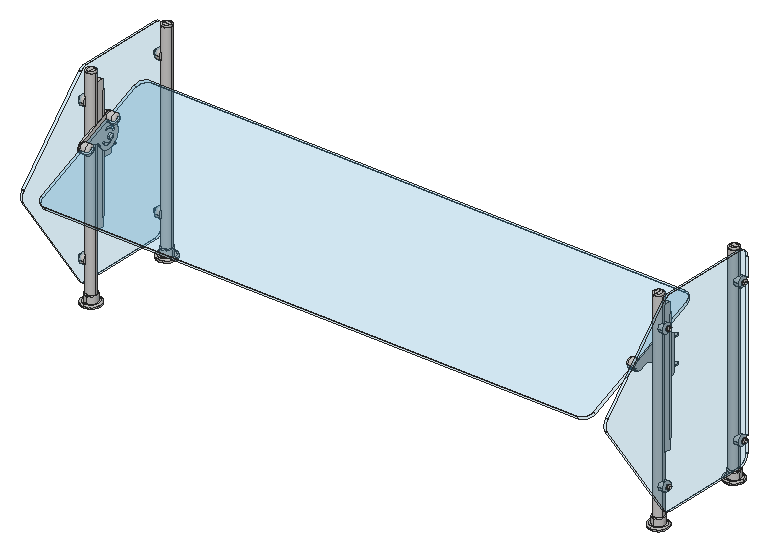
Revit family "QF_ENGLISH_AMA-100", category Casework, Revit 2018
Family settings
  Work Plane-Based = No
  Always vertical = Yes
  Cut with Voids When Loaded = No
  Shared = No
  Room Calculation Point = No
Parameters
  Weight in Pounds = 0
  Void [instance] = if(Show Full Service, -3/8", 3/8")  # 3/8"
  URL Cutsheet = ""
  Type Mark [instance] = ""
  Status [instance] = ""
  Specification by User [instance] = ""
  Specification by Manufacturer = ""
  Show Self Service [instance] = yes
  Show Left Glass [instance] = yes
  Show Right Glass [instance] = yes
  Show Full Service [instance] = not(Show Self Service)  # no
  Serial Number = ""
  Seismic Rating = ""
  SMACNA No = ""
  Right Glass Symbolic [instance] = yes
  Revision Code [instance] = ""
  Rear Support [instance] = Middle Glass  # yes
  RS Symbolic [instance] = no
  Omniclass Number and Title = ""
  NAFEM Spec ID Number = ""
  Model = "AMA-100"
  Middle Glass [instance] = yes
  Masterspec = ""
  Manufacturer = "ENGLISH MFG. INC."
  Length [instance] = 60"
  LS Symbolic [instance] = not(Show Left Glass)  # no
  Item Number [instance] = ""
  Installed By [instance] = ""
  Identify Quantity as Lot [instance] = yes
  Glass Thickness [instance] = 3/8"  # constant formula
  Glass Material [instance] = Glass
  Furnished By [instance] = ""
  Foodservice Equipment Identifier [instance] = yes
  Description = "ADJUSTAGUARD"
  Depth [instance] = 10"
  CSI MasterFormat = ""
  CSI Master Format = ""
  Assembly Code = ""
  Angle [instance] = 0.00°
  A [instance] = if(Angle > 90.00°, 0.00°, Angle)  # 0.00°
Reference planes (in)
  plane 1 "BACK": y = 0
  plane 2: z = 0
  plane 3 "LEFT": x = 0
  plane 4 "RIGHT": x = 60
  plane 5 "FRONT": y = -10
  plane 6 "TOP": z = 22
  plane 7 "Center Y": x = 30
  plane 8 "Center X": y = -5
  plane 9: y = -8.51794
Forms (in)
  Extrusion 1, solid, material "Glass" <- "Glass Material"
    sketch origin (1.69296, -13.50427, 14.95146) x (0, 0.92388, 0.382683) y (-1, 0, 0)
      loop
        arc (10.14708, -0.07332) -> (9.85422, 0.63371) -> (9.14718, 0.92658) r 0.9999
        line (9.14718, 0.92658) -> (-4.10292, 0.92658)
        arc (-4.10292, 0.92658) -> (-4.81003, 0.63368) -> (-5.10292, -0.07342) r 1
        line (-5.10292, -0.07342) -> (-5.10292, -56.46294)
        arc (-5.10292, -56.46294) -> (-4.81003, -57.17004) -> (-4.10292, -57.46294) r 1
        line (-4.10292, -57.46294) -> (9.14718, -57.46294)
        arc (9.14718, -57.46294) -> (9.85422, -57.17007) -> (10.14708, -56.46304) r 0.9999
        line (10.14708, -56.46304) -> (10.14708, -0.07332)
    from 0 to 0.375 <- "Glass Thickness"
Lines and regions (in)
  symbolic lines, visible <- "Show Left Glass"
    curve 1: arc (-0.75, -0.66144, 0) -> (0.99507, 0.09921, 0) -> (-0.86583, 0.50034, 0) r 1
    curve 2: line (-0.24024, 0.5, 0) -> (-0.75, 0.5, 0)
    curve 3: line (-0.24024, -0.5, 0) -> (-0.24024, -0.4385, 0)
    curve 4: line (-0.75, -0.5, 0) -> (-0.24024, -0.5, 0)
    curve 5: circle (0, 0, 0) r 0.5 normal (0, 0, 1)
    curve 6: line (-0.75, 0.5, 0) -> (-0.75, -0.5, 0)
    curve 7: line (-0.24024, 0.4385, 0) -> (-0.24024, 0.5, 0)
    curve 9: line (-0.5, -9.5, 0) -> (-0.75, -9.5, 0)
    curve 10: line (-0.24024, -10.5, 0) -> (-0.24024, -10.4385, 0)
    curve 11: line (-0.75, -10.5, 0) -> (-0.24024, -10.5, 0)
  symbolic lines
    curve 8: arc (-0.86137, -10.50798, 0) -> (-0.2394, -10.97092, 0) -> (0.52648, -10.85019, 0) r 1
    curve 12: circle (0, -10, 0) r 0.5 normal (0, 0, 1)
    curve 13: arc (-0.5, -9.13397, 0) -> (-0.63332, -9.22611, 0) -> (-0.75, -9.33856, 0) r 1
    curve 14: line (0.01085, -8.01767, 0) -> (0.46398, -8.01767, 0)
    curve 15: line (0.01085, -8.98669, 0) -> (0.01085, -8.01767, 0)
    curve 16: line (0.46398, -8.98669, 0) -> (0.01085, -8.98669, 0)
    curve 17: line (0.46398, -8.01767, 0) -> (0.46398, -8.98669, 0)
    curve 18: line (-0.5, -8.98694, 0) -> (0.5, -8.98694, 0)
    curve 19: line (0.5, -8.98694, 0) -> (0.5, -9.75794, 0)
    curve 20: line (0.5, -9.75794, 0) -> (0.4375, -9.75794, 0)
    curve 21: line (-0.5, -9.75794, 0) -> (-0.5, -8.98694, 0)
    curve 22: line (-0.5, -9.75794, 0) -> (-0.4375, -9.75794, 0)
    curve 23: line (0.14522, -8.01767, 0) -> (0.14522, -7.80979, 0)
    curve 24: arc (0.14522, -7.80979, 0) -> (0.13665, -7.76973, 0) -> (0.11242, -7.73669, 0) r 0.09786
    curve 25: line (0.11242, -7.73669, 0) -> (0.11242, -7.25751, 0)
    curve 26: arc (0.11242, -7.25751, 0) -> (0.11853, -7.24275, 0) -> (0.1333, -7.23663, 0) r 0.02088
    curve 27: line (0.1333, -7.23663, 0) -> (0.34154, -7.23663, 0)
    curve 28: line (0.32961, -8.01767, 0) -> (0.32961, -7.80979, 0)
    curve 29: arc (0.32961, -7.80979, 0) -> (0.33819, -7.76973, 0) -> (0.36242, -7.73669, 0) r 0.09786
    curve 30: line (0.36242, -7.73669, 0) -> (0.36242, -7.25751, 0)
    curve 31: arc (0.36242, -7.25751, 0) -> (0.3563, -7.24275, 0) -> (0.34154, -7.23663, 0) r 0.02088
    curve 32: line (0.11242, -7.73669, 0) -> (0.36242, -7.73669, 0)
    curve 33: line (0.11242, -7.25751, 0) -> (0.36242, -7.25751, 0)
    curve 41: arc (60.86137, -10.50798, 0) -> (60.2394, -10.97092, 0) -> (59.47352, -10.85019, 0) r 1
    curve 45: circle (60, -10, 0) r 0.5 normal (0, 0, -1)
    curve 46: arc (60.5, -9.13397, 0) -> (60.63332, -9.22611, 0) -> (60.75, -9.33856, 0) r 1
    curve 47: line (59.98915, -8.01767, 0) -> (59.53602, -8.01767, 0)
    curve 48: line (59.98915, -8.98669, 0) -> (59.98915, -8.01767, 0)
    curve 49: line (59.53602, -8.98669, 0) -> (59.98915, -8.98669, 0)
    curve 50: line (59.53602, -8.01767, 0) -> (59.53602, -8.98669, 0)
    curve 51: line (60.5, -8.98694, 0) -> (59.5, -8.98694, 0)
    curve 52: line (59.5, -8.98694, 0) -> (59.5, -9.75794, 0)
    curve 53: line (59.5, -9.75794, 0) -> (59.5625, -9.75794, 0)
    curve 54: line (60.5, -9.75794, 0) -> (60.5, -8.98694, 0)
    curve 55: line (60.5, -9.75794, 0) -> (60.4375, -9.75794, 0)
    curve 56: line (59.85478, -8.01767, 0) -> (59.85478, -7.80979, 0)
    curve 57: arc (59.85478, -7.80979, 0) -> (59.86335, -7.76973, 0) -> (59.88758, -7.73669, 0) r 0.09786
    curve 58: line (59.88758, -7.73669, 0) -> (59.88758, -7.25751, 0)
    curve 59: arc (59.88758, -7.25751, 0) -> (59.88147, -7.24275, 0) -> (59.8667, -7.23663, 0) r 0.02088
    curve 60: line (59.8667, -7.23663, 0) -> (59.65846, -7.23663, 0)
    curve 61: line (59.67039, -8.01767, 0) -> (59.67039, -7.80979, 0)
    curve 62: arc (59.67039, -7.80979, 0) -> (59.66181, -7.76973, 0) -> (59.63758, -7.73669, 0) r 0.09786
    curve 63: line (59.63758, -7.73669, 0) -> (59.63758, -7.25751, 0)
    curve 64: arc (59.63758, -7.25751, 0) -> (59.6437, -7.24275, 0) -> (59.65846, -7.23663, 0) r 0.02088
    curve 65: line (59.88758, -7.73669, 0) -> (59.63758, -7.73669, 0)
    curve 66: line (59.88758, -7.25751, 0) -> (59.63758, -7.25751, 0)
    curve 68: line (0.52648, -7.26791, 0) -> (0.64148, -7.26791, 0)
    curve 69: line (59.47352, -7.26791, 0) -> (59.35852, -7.26791, 0)
    curve 70: line (59.47352, -12.41105, 0) -> (59.47352, -7.26791, 0)
    curve 71: line (59.35852, -7.26791, 0) -> (59.35852, -12.41105, 0)
    curve 73: line (59.35852, -12.41105, 0) -> (59.47352, -12.41105, 0)
    curve 74: line (0.52648, -12.41105, 0) -> (0.52648, -7.26791, 0)
    curve 75: line (0.64148, -7.26791, 0) -> (0.64148, -12.41105, 0)
    curve 76: line (0.64148, -12.41105, 0) -> (0.52648, -12.41105, 0)
    curve 77: line (60.75, -9.5, 0) -> (60.75, -10.50798, 0)
    curve 78: line (-0.75, -9.5, 0) -> (-0.75, -10.50798, 0)
    curve 91: line (0.64148, -8.09063, 0) -> (1.28061, -8.09063, 0)
    curve 92: line (0.64148, -8.9467, 0) -> (1.28061, -8.9467, 0)
    curve 93: line (1.53061, -8.34063, 0) -> (1.53061, -8.6967, 0)
    curve 94: arc (1.28061, -8.09063, 0) -> (1.45739, -8.16385, 0) -> (1.53061, -8.34063, 0) r 0.25
    curve 95: arc (1.28061, -8.9467, 0) -> (1.45739, -8.87348, 0) -> (1.53061, -8.6967, 0) r 0.25
    curve 96: line (0.64148, -11.55496, 0) -> (1.28061, -11.55496, 0)
    curve 97: line (0.64148, -12.41104, 0) -> (1.28061, -12.41104, 0)
    curve 98: line (1.53061, -11.80496, 0) -> (1.53061, -12.16104, 0)
    curve 99: arc (1.28061, -11.55496, 0) -> (1.45739, -11.62819, 0) -> (1.53061, -11.80496, 0) r 0.25
    curve 100: arc (1.28061, -12.41104, 0) -> (1.45739, -12.33782, 0) -> (1.53061, -12.16104, 0) r 0.25
    curve 101: line (59.35852, -8.09063, 0) -> (58.71939, -8.09063, 0)
    curve 102: line (59.35852, -8.9467, 0) -> (58.71939, -8.9467, 0)
    curve 103: line (58.46939, -8.34063, 0) -> (58.46939, -8.6967, 0)
    curve 104: arc (58.71939, -8.09063, 0) -> (58.54261, -8.16385, 0) -> (58.46939, -8.34063, 0) r 0.25
    curve 105: arc (58.71939, -8.9467, 0) -> (58.54261, -8.87348, 0) -> (58.46939, -8.6967, 0) r 0.25
    curve 106: line (59.35852, -11.55496, 0) -> (58.71939, -11.55496, 0)
    curve 107: line (59.35852, -12.41104, 0) -> (58.71939, -12.41104, 0)
    curve 108: line (58.46939, -11.80496, 0) -> (58.46939, -12.16104, 0)
    curve 109: arc (58.71939, -11.55496, 0) -> (58.54261, -11.62819, 0) -> (58.46939, -11.80496, 0) r 0.25
    curve 110: arc (58.71939, -12.41104, 0) -> (58.54261, -12.33782, 0) -> (58.46939, -12.16104, 0) r 0.25
  symbolic lines, visible <- "Show Right Glass"
    curve 34: arc (60.75, -0.66144, 0) -> (59.00493, 0.09921, 0) -> (60.86583, 0.50034, 0) r 1
    curve 35: line (60.24024, 0.5, 0) -> (60.75, 0.5, 0)
    curve 36: line (60.24024, -0.5, 0) -> (60.24024, -0.4385, 0)
    curve 37: line (60.75, -0.5, 0) -> (60.24024, -0.5, 0)
    curve 38: circle (60, 0, 0) r 0.5 normal (0, 0, -1)
    curve 39: line (60.75, 0.5, 0) -> (60.75, -0.5, 0)
    curve 40: line (60.24024, 0.4385, 0) -> (60.24024, 0.5, 0)
  symbolic lines, visible <- "Right Glass Symbolic"
    curve 42: line (60.5, -9.5, 0) -> (60.75, -9.5, 0)
    curve 43: line (60.24024, -10.5, 0) -> (60.24024, -10.4385, 0)
    curve 44: line (60.75, -10.5, 0) -> (60.24024, -10.5, 0)
  symbolic lines, visible <- "RS Symbolic"
    curve 67: arc (60.75, -9.33856, 0) -> (60.9955, -9.90519, 0) -> (60.86137, -10.50798, 0) r 1
  symbolic lines, visible <- "LS Symbolic"
    curve 72: arc (-0.75, -9.33856, 0) -> (-0.9955, -9.90519, 0) -> (-0.86137, -10.50798, 0) r 1
  symbolic lines, style "CaseworkHiddenLines"
    curve 79: spline (1.76628, -5.27309, 0) -> (1.63577, -5.281, 0) -> (1.50749, -5.30457, 0) -> (1.38364, -5.34341, 0) -> (1.26633, -5.39686, 0) -> (1.15758, -5.46399, 0) -> (1.05924, -5.54366, 0) -> (0.97301, -5.63451, 0) -> (0.90034, -5.73499, 0) -> (0.84249, -5.84336, 0) -> (0.80045, -5.95779, 0) -> (0.77494, -6.0763, 0) -> (0.76638, -6.19688, 0)
    curve 80: line (58.15599, -5.27309, 0) -> (1.76628, -5.27309, 0)
    curve 81: line (0.76638, -6.05337, 0) -> (0.76638, -8.09063, 0)
    curve 82: spline (0.76638, -17.43838, 0) -> (0.77494, -17.55897, 0) -> (0.80046, -17.67749, 0) -> (0.8425, -17.79193, 0) -> (0.90036, -17.90032, 0) -> (0.97303, -18.0008, 0) -> (1.05927, -18.09166, 0) -> (1.15762, -18.17134, 0) -> (1.26638, -18.23848, 0) -> (1.3837, -18.29193, 0) -> (1.50756, -18.33078, 0) -> (1.63585, -18.35435, 0) -> (1.76638, -18.36226, 0)
    curve 83: line (1.76638, -18.36226, 0) -> (58.15589, -18.36226, 0)
    curve 84: spline (58.15589, -18.36226, 0) -> (58.28642, -18.35435, 0) -> (58.41471, -18.33078, 0) -> (58.53858, -18.29193, 0) -> (58.65589, -18.23848, 0) -> (58.76465, -18.17134, 0) -> (58.863, -18.09166, 0) -> (58.94925, -18.0008, 0) -> (59.02192, -17.90032, 0) -> (59.07977, -17.79193, 0) -> (59.12182, -17.67749, 0) -> (59.14734, -17.55897, 0) -> (59.15589, -17.43838, 0)
    curve 85: line (59.15589, -17.43838, 0) -> (59.15589, -12.41104, 0)
    curve 86: spline (59.15589, -6.19688, 0) -> (59.14734, -6.0763, 0) -> (59.12182, -5.95779, 0) -> (59.07978, -5.84336, 0) -> (59.02193, -5.73499, 0) -> (58.94927, -5.63451, 0) -> (58.86303, -5.54366, 0) -> (58.76469, -5.46399, 0) -> (58.65594, -5.39686, 0) -> (58.53864, -5.34341, 0) -> (58.41479, -5.30457, 0) -> (58.28651, -5.281, 0) -> (58.15599, -5.27309, 0)
    curve 87: line (59.15589, -8.09063, 0) -> (59.15589, -6.05337, 0)
    curve 88: line (59.15589, -11.55496, 0) -> (59.15589, -8.9467, 0)
    curve 89: line (0.76638, -8.9467, 0) -> (0.76638, -11.55496, 0)
    curve 90: line (0.76638, -12.41104, 0) -> (0.76638, -17.43838, 0)
Dimensions and locks (in)
  equal spacing: plane 3 "LEFT", plane 7 "Center Y", plane 4 "RIGHT"
  "Length": plane 3 "LEFT" to plane 4 "RIGHT"
  equal spacing: plane 5 "FRONT", plane 8 "Center X", plane 1 "BACK"
  "Depth": plane 5 "FRONT" to plane 1 "BACK"
  plane 6 "TOP" to level = 22"  (x2)
  plane 3 "LEFT" to Extrusion 1 sketch curve to Extrusion 1 sketch curve = 0.76638" locked, 0.9999" locked
  plane 4 "RIGHT" to Extrusion 1 sketch curve to Extrusion 1 sketch curve = 0.84411" locked, 0.9999" locked
  plane 7 "Center Y" to plane 3 "LEFT" = 30"
  locked: plane 5 "FRONT" to plane 9 at 1.48206
  plane 5 "FRONT" to plane 1 "BACK" = 10"
  aligned and locked: level to plane 2
  aligned and locked: plane 3 "LEFT" to nested 1
  aligned: plane 7 "Center Y" to nested 2
  aligned: plane 1 "BACK" to nested 3  (x5)
  aligned and locked: nested 2 to plane 4 "RIGHT"
  aligned: plane 8 "Center X" to nested 3  (x2)
  aligned: plane 5 "FRONT" to nested 3  (x2)
  aligned and locked: plane 1 "BACK" to nested 3
  aligned and locked: plane 9 to nested 1
  aligned and locked: nested 2 to plane 9
  aligned and locked: nested 4 to plane 4 "RIGHT"
Automatic sketch dimensions
  nested 1 to Extrusion 1 sketch curve = 0.23335"
  nested 1 to Extrusion 1 sketch curve = 6.88238"
  Extrusion 1 sketch curve to Extrusion 1 sketch curve = 1"
  nested 1 to Extrusion 1 sketch curve = 5.44078"
  curve 1 to curve 5 = 0"  (x2)
  curve 8 to curve 12 = 0"  (x2)
  curve 8 to curve 13 = 0"  (x2)
  curve 8 to curve 72 = 0"  (x2)
  curve 34 to curve 38 = 0"  (x2)
  curve 41 to curve 45 = 0"  (x2)
  curve 41 to curve 46 = 0"  (x2)
  curve 41 to curve 67 = 0"
  curve 46 to curve 67 = 0"
  curve 12 to plane 3 "LEFT" = 0"
  plane 1 "BACK" to curve 5 = 0"
  curve 5 to plane 3 "LEFT" = 0"
  curve 46 to plane 4 "RIGHT" = 0"
  plane 1 "BACK" to curve 34 = 0"
  curve 34 to plane 4 "RIGHT" = 0"
  plane 5 "FRONT" to curve 46 = 0"
  plane 5 "FRONT" to curve 13 = 0"
  curve 2 to plane 3 "LEFT" = 0.24024"
  curve 3 to plane 3 "LEFT" = 0.24024"
  curve 10 to plane 3 "LEFT" = 0.24024"
  curve 21 to plane 5 "FRONT" = 0.24206"
  curve 21 to plane 3 "LEFT" = 1/2"
  curve 9 to curve 9 = 1/4"
  curve 6 to curve 3 = 0.50976"
  plane 3 "LEFT" to curve 16 = 0.01085"
  plane 3 "LEFT" to curve 24 = 0.04737"
  curve 24 to curve 32 = 0.06505"
  curve 25 to curve 27 = 0.02088"
  curve 25 to curve 23 = 0.03281"
  curve 23 to curve 28 = 0.18439"
  curve 26 to curve 27 = 0.20824"
  curve 30 to curve 29 = 0.06505"
  curve 28 to curve 17 = 0.13437"
  curve 20 to plane 5 "FRONT" = 0.24206"
  plane 3 "LEFT" to curve 20 = 1/2"
  plane 3 "LEFT" to curve 76 = 0.52648"
  curve 68 to curve 68 = 0.115"
  plane 3 "LEFT" to curve 90 = 0.76638"
  curve 92 to curve 92 = 0.63913"
  curve 94 to curve 95 = 0"
  curve 75 to curve 96 = 0.63913"
  curve 90 to curve 97 = 0.51423"
  curve 100 to curve 98 = 1/4"
  curve 95 to curve 93 = 1/4"
  curve 80 to plane 8 "Center X" = 0.27309"
  plane 3 "LEFT" to curve 80 = 1.76628"
  curve 90 to curve 83 = 1"
  plane 4 "RIGHT" to curve 83 = 1.84411"
  plane 4 "RIGHT" to curve 80 = 1.84401"
  plane 9 to curve 103 = 0.17731"
  plane 4 "RIGHT" to curve 103 = 1.53061"
  curve 103 to curve 102 = 1/4"
  curve 108 to curve 107 = 1/4"
  curve 103 to curve 101 = 1/4"
  curve 108 to curve 109 = 1/4"
  plane 4 "RIGHT" to curve 85 = 0.84411"
  plane 4 "RIGHT" to curve 71 = 0.64148"
  curve 71 to curve 70 = 0.115"
  curve 102 to curve 51 = 0.14148"
  curve 101 to curve 50 = 0.1775"
  curve 47 to curve 62 = 0.03651"
  curve 62 to curve 65 = 0.06505"
  curve 63 to curve 64 = 0.02088"
  curve 62 to curve 61 = 0.03281"
  plane 4 "RIGHT" to curve 56 = 0.14522"
  plane 4 "RIGHT" to curve 59 = 0.1333"
  plane 4 "RIGHT" to curve 57 = 0.04737"
  plane 4 "RIGHT" to curve 49 = 0.01085"
  curve 35 to plane 4 "RIGHT" = 0.24024"
  curve 44 to plane 4 "RIGHT" = 0.24024"
  curve 37 to plane 4 "RIGHT" = 0.24024"
  curve 55 to plane 5 "FRONT" = 0.24206"
  curve 55 to plane 4 "RIGHT" = 1/2"
  curve 35 to curve 35 = 0.50976"
  curve 42 to curve 77 = 1/4"
  plane 5 "FRONT" to curve 10 = 1/2"
  plane 5 "FRONT" to curve 44 = 1/2"
  plane 5 "FRONT" to curve 76 = 2.41105"
  plane 5 "FRONT" to curve 73 = 2.41105"
  curve 75 to curve 96 = 0.85609"
  curve 71 to curve 106 = 0.85609"
  curve 110 to curve 109 = 0.35608"
  curve 100 to curve 99 = 0.35608"
  curve 90 to curve 90 = 5 7/256"
  curve 85 to curve 85 = 5 7/256"
  curve 83 to curve 84 = 0.92388"
  curve 53 to plane 5 "FRONT" = 0.24206"
  curve 54 to curve 77 = 0.25794"
  curve 21 to curve 78 = 0.25794"
  curve 54 to plane 9 = 0.469"
  curve 19 to plane 9 = 0.469"
  curve 48 to plane 9 = 15/32"
  curve 18 to curve 16 = 0.00025"
  curve 102 to plane 9 = 0.42877"
  curve 92 to plane 9 = 0.42877"
  plane 9 to curve 93 = 0.17731"
  curve 101 to curve 47 = 0.07296"
  curve 91 to curve 17 = 0.07296"
  curve 14 to curve 24 = 0.20788"
  curve 61 to curve 61 = 0.20788"
  curve 30 to curve 68 = 0.46878"
  curve 63 to curve 69 = 0.46878"
  curve 69 to curve 63 = 0.0104"
  curve 68 to curve 33 = 0.0104"
  plane 1 "BACK" to curve 6 = 1/2"
  plane 1 "BACK" to curve 36 = 1/2"
  curve 35 to plane 1 "BACK" = 1/2"
  curve 6 to plane 1 "BACK" = 1/2"
  curve 21 to curve 22 = 1/16"
  curve 1 to curve 4 = 0"
  curve 13 to curve 9 = 0"
  curve 8 to curve 78 = 0.11137"
  curve 1 to curve 2 = 0.11583"
  curve 97 to curve 90 = 0.1249"
  curve 91 to curve 81 = 0.1249"
  curve 92 to curve 89 = 0.1249"
  curve 86 to curve 86 = 0.9999"
  curve 106 to curve 88 = 0.43651"
  curve 88 to curve 106 = 0.20263"
  curve 85 to curve 107 = 0.20263"
  curve 52 to curve 53 = 1/16"
  curve 46 to curve 42 = 0"
  curve 34 to curve 37 = 0"
  curve 77 to curve 41 = 0.11137"
  curve 35 to curve 34 = 0.11583"
  curve 41 to curve 44 = 0.00798"
  curve 72 to curve 11 = 0.00798"
  curve 78 to curve 11 = 0.00798"
  curve 77 to curve 44 = 0.00798"
  curve 86 to plane 8 "Center X" = 1.19688"
  curve 79 to plane 8 "Center X" = 1.19688"
  curve 79 to curve 81 = 0.14351"
  curve 86 to curve 87 = 0.14351"
  curve 1 to curve 4 = 0.16144"
  curve 34 to curve 37 = 0.16144"
  curve 3 to curve 3 = 0.0615"
  curve 36 to curve 36 = 0.0615"
Nested families (in)
  nested 1: "AMA-100" at (-0.5, -8.01794, -0.03906), Glass Thickness <- "Glass Thickness", type "AMA-100"
    with Type Mark "", Status "", Specification by User "", Revision Code "", Item Number "", Installed By "", Identify Quantity as Lot yes, Glass Thickness 3/8", Glass Material Glass, Furnished By "", Foodservice Equipment Identifier yes, Angle 67.50°
  nested 2: "AMA-100" at (60.5, -8.01794, -0.03906) x (-1, 0, 0) z (0, 0, 1), Glass Thickness <- "Glass Thickness", type "AMA-100"
    with Type Mark "", Status "", Specification by User "", Revision Code "", Item Number "", Installed By "", Identify Quantity as Lot yes, Glass Thickness 3/8", Glass Material Glass, Furnished By "", Foodservice Equipment Identifier yes, Angle 67.50°
  nested 3: "AMA-100_SUPPORT" at (0, 0, 0), Show Self Service <- "Show Self Service", Depth <- "Depth", Show Side Glass <- "Show Left Glass", Rear Support <- "Show Left Glass", type "AMA-100_SUPPORT"
    with Void -3/8", Show Side Glass yes, Show Self Service yes, Show Full Service no, Rear Support yes, Glass Thickness 3/8", Glass Material Glass, Depth 10"
  nested 4: "AMA-100_SUPPORT" at (60, 0, 0) x (-1, 0, 0) z (0, 0, 1), Show Self Service <- "Show Self Service", Rear Support <- "Show Right Glass", Show Side Glass <- "Show Right Glass", Depth <- "Depth", type "AMA-100_SUPPORT"
    with Void -3/8", Show Side Glass yes, Show Self Service yes, Show Full Service no, Rear Support yes, Glass Thickness 3/8", Glass Material Glass, Depth 10"
Definition of nested family "AMA-100"
  Parameters (values of type "AMA-100")
    Weight in Pounds = 0
    URL Cutsheet = ""
    Type Mark [instance] = ""
    Status [instance] = ""
    Specification by User [instance] = ""
    Specification by Manufacturer = ""
    Serial Number = ""
    Seismic Rating = ""
    SMACNA No = ""
    Revision Code [instance] = ""
    Omniclass Number and Title = ""
    NAFEM Spec ID Number = ""
    Masterspec = ""
    Item Number [instance] = ""
    Installed By [instance] = ""
    Identify Quantity as Lot [instance] = yes
    Glass Thickness [instance] = 3/8"
    Glass Material [instance] = none
    Furnished By [instance] = ""
    Foodservice Equipment Identifier [instance] = yes
    CSI MasterFormat = ""
    CSI Master Format = ""
    Assembly Code = ""
    Angle [instance] = 45.00°
  Reference planes (in)
    plane 1 "BACK": y = 0
    plane 2: z = 0
    plane 3 "LEFT": x = 0
    plane 4 "RIGHT": x = 1
    plane 5 "FRONT": y = -1
    plane 6 "TOP": z = 53.63802
    plane 7 "Center Y": x = 0.5
    plane 8 "Center X": y = -0.5
    plane 9: y = 0
    plane 10: y = -1
    plane 11: z = 15.49999
  Forms (in)
    Extrusion 1, solid
      sketch origin (0, -0.5, 15.49999) x (0, -0.707107, -0.707107) y (0, 0.707107, -0.707107)
        loop
          arc (-1.25047, -1.62488) -> (-1.10396, -1.97843) -> (-0.75038, -2.12486) r 0.50009
          line (-0.75038, -2.12486) -> (2.99999, -2.125)
          arc (2.99999, -2.125) -> (3.49958, -1.6248) -> (2.99958, -1.125) r 0.5
          arc (2.99958, -1.125) -> (1.89786, -0.91518) -> (1.24958, 0) r 1.5
          arc (1.24958, 0) -> (-0.00044, 1.25003) -> (-1.25047, 0) r 1.25003
          line (-1.25047, 0) -> (-1.25047, -1.62488)
        loop
          arc (0.89999, 0) -> (0.63639, 0.6364) -> (-0.00001, 0.9) r 0.9
          arc (-0.00001, 0.9) -> (-0.15001, 0.75) -> (-0.00001, 0.6) r 0.15
          arc (-0.00001, 0.6) -> (0.42425, 0.42426) -> (0.59999, 0) r 0.6
          arc (0.59999, 0) -> (0.74999, -0.15) -> (0.89999, 0) r 0.15
        loop
          arc (-0.00001, -0.9) -> (0.14999, -0.75) -> (-0.00001, -0.6) r 0.15
          arc (-0.00001, -0.6) -> (-0.42427, -0.42426) -> (-0.60001, 0) r 0.6
          arc (-0.60001, 0) -> (-0.75001, 0.15) -> (-0.90001, 0) r 0.15
          arc (-0.90001, 0) -> (-0.63641, -0.6364) -> (-0.00001, -0.9) r 0.9
      from 1.02648 to 1.14148
    Revolve 2, solid
      sketch origin (0.5, 15.01794, 15.49999) x (1, 0, 0) y (0, 1, 0)
        loop
          line (0.46398, -15.51794) -> (0.52648, -15.51794) -> (0.52648, -15.26794) -> (0.46398, -15.26794) -> (0.46398, -15.51794)
        loop
          line (0.64148, -15.51794) -> (1.02648, -15.51794) -> (1.02648, -15.40028)
          arc (1.02648, -15.40028) -> (1.00116, -15.33915) -> (0.94002, -15.31382) r 0.08646
          line (0.94002, -15.31382) -> (0.64148, -15.31382) -> (0.64148, -15.51794)
        axis (1.02648, -15.51794) -> (0.46398, -15.51794)
      angle from 0 to 360
    Extrusion 3, void
      sketch origin (1.14148, -0.5, 15.49999) x (0, -0.707107, -0.707107) y (0, 0.707107, -0.707107)
        loop
          line (-1.40659, -1.8125) -> (3.64712, -1.8125) -> (3.64712, -1.4375) -> (-1.40659, -1.4375) -> (-1.40659, -1.8125)
      from 0 to 1.05147
    Extrusion 4, solid
      sketch origin (1.14148, -0.5, 15.49999) x (0, -0.707107, -0.707107) y (0, 0.707107, -0.707107)
        loop
          circle (-0.74997, -1.6248) r 0.49988
      from 0 to 0.89155
    Sweep 5, void
      path origin (2.03303, -0.5, 15.49999) x (0, -0.707107, -0.707107) y (0, 0.707107, -0.707107)
        loop
          circle (-0.74997, -1.6248) r 0.49988
      profile origin (2.03303, -0.76512, 16.82574) x (0, -0.707107, 0.707107) y (1, 0, 0)
        loop
          line (0, 0) -> (0, -0.24994)
          arc (0, -0.24994) -> (0.07321, -0.07321) -> (0.24994, 0) r 0.24994
          line (0.24994, 0) -> (0, 0)
    Extrusion 6, solid
      sketch origin (1.14148, -0.5, 15.49999) x (0, -0.707107, -0.707107) y (0, 0.707107, -0.707107)
        loop
          circle (3.0004, -1.6248) r 0.49988
      from 0 to 0.89155
    Sweep 7, void
      path origin (2.03303, -0.5, 15.49999) x (0, -0.707107, -0.707107) y (0, 0.707107, -0.707107)
        loop
          circle (3.0004, -1.6248) r 0.49988
      profile origin (2.03303, -3.41703, 14.17382) x (0, -0.707107, 0.707107) y (1, 0, 0)
        loop
          line (0, 0) -> (0, -0.24994)
          arc (0, -0.24994) -> (0.07321, -0.07321) -> (0.24994, 0) r 0.24994
          line (0.24994, 0) -> (0, 0)
    Extrusion 8, solid
      sketch origin (0.5, 15.01819, 0) x (0, 1, 0) y (0, 0, 1)
        loop
          line (-15.98694, 13.49999) -> (-15.1432, 13.49999)
          arc (-15.1432, 13.49999) -> (-15.05463, 13.53651) -> (-15.01792, 13.625) r 0.12501
          line (-15.01792, 13.625) -> (-15.01792, 17.37501)
          arc (-15.01792, 17.37501) -> (-15.05452, 17.46338) -> (-15.1429, 17.49999) r 0.12498
          line (-15.1429, 17.49999) -> (-15.98694, 17.49999) -> (-15.98694, 13.49999)
      from 0.01085 to 0.46398
    Revolve 9, solid
      sketch origin (0.5, 15.01819, 16.875) x (1, 0, 0) y (0, 1, 0)
        loop
          line (0.23742, -15.01794) -> (0.23742, -14.23694) -> (0.13492, -14.23694)
          arc (0.13492, -14.23694) -> (0.11959, -14.24294) -> (0.11242, -14.25776) r 0.02257
          line (0.11242, -14.25776) -> (0.11242, -14.73694)
          arc (0.11242, -14.73694) -> (0.13571, -14.77011) -> (0.14392, -14.80979) r 0.1
          line (0.14392, -14.80979) -> (0.14392, -15.01794) -> (0.23742, -15.01794)
        axis (0.23742, -14.23694) -> (0.23742, -15.01794)
      angle from 0 to 360
    Revolve 10, solid
      sketch origin (0.5, 15.01819, 14.125) x (1, 0, 0) y (0, 1, 0)
        loop
          line (0.23742, -15.01794) -> (0.23742, -14.23694) -> (0.13492, -14.23694)
          arc (0.13492, -14.23694) -> (0.11959, -14.24294) -> (0.11242, -14.25776) r 0.02257
          line (0.11242, -14.25776) -> (0.11242, -14.73694)
          arc (0.11242, -14.73694) -> (0.13571, -14.77011) -> (0.14392, -14.80979) r 0.1
          line (0.14392, -14.80979) -> (0.14392, -15.01794) -> (0.23742, -15.01794)
        axis (0.23742, -14.23694) -> (0.23742, -15.01794)
      angle from 0 to 360
  Cuts and joins
    Extrusion 3, Sweep 5, Sweep 7 cuts Extrusion 4
    Extrusion 3, Sweep 7 cuts Extrusion 6
  Lines and regions (in)
    reference lines
      curve 1: line (0, -0.5, 15.49999) -> (0, -2.7981, 13.20189)
  Dimensions and locks (in)
    equal spacing: plane 3 "LEFT", plane 7 "Center Y", plane 4 "RIGHT"
    plane 3 "LEFT" to plane 4 "RIGHT" = 1"
    equal spacing: plane 5 "FRONT", plane 8 "Center X", plane 1 "BACK"
    plane 5 "FRONT" to plane 1 "BACK" = 1"
    locked: level to plane 11 at 15.49999
    Extrusion 1 sketch curve to Extrusion 1 sketch curve to Extrusion 1 sketch curve to Extrusion 1 sketch curve to Extrusion 1 sketch curve to Extrusion 1 sketch curve to Extrusion 1 sketch curve to curve 1 to Extrusion 1 sketch curve to Extrusion 1 sketch curve to Extrusion 1 sketch curve = 1/2" locked, 7/8" locked, 3/4" locked, 0", 0" locked, 0", 0" locked, 0", 0.34658" locked, 0.40342" locked
    locked: Extrusion 1 to Extrusion 3 sketch curve at 0.3125
    "Glass Thickness": Extrusion 3 sketch curve to Extrusion 3 sketch curve
    "Angle": angle curve 1 to plane 8 "Center X"
    aligned and locked: level to plane 2
    aligned and locked: plane 11 to curve 1
    aligned and locked: plane 8 "Center X" to curve 1
  Automatic sketch dimensions
    Extrusion 1 sketch curve to Extrusion 1 sketch curve = 0"  (x14)
    Extrusion 1 sketch curve to curve 1 = 1.25047"
    Extrusion 1 sketch curve to Extrusion 1 sketch curve = 0.35046"
    Extrusion 1 sketch curve to Extrusion 1 sketch curve = 0.50009"
    Extrusion 1 sketch curve to Extrusion 1 sketch curve = 0.15"  (x2)
    Extrusion 1 sketch curve to curve 1 = 0.00044"
    Extrusion 1 sketch curve to curve 1 = 0"
    curve 1 to Extrusion 1 sketch curve = 0.59999"
    Extrusion 1 sketch curve to Extrusion 1 sketch curve = 1.45941"
    Extrusion 1 sketch curve to curve 1 = 0.25042"
    Extrusion 1 sketch curve to Extrusion 1 sketch curve = 0.00014"
    Extrusion 1 sketch curve to Extrusion 1 sketch curve = 0.49997"
    Revolve 2 sketch curve to plane 8 "Center X" = 0"  (x3)
    plane 4 "RIGHT" to Revolve 2 sketch curve = 0.13544"
    plane 4 "RIGHT" to Revolve 2 sketch curve = 0.03602"
    Revolve 2 sketch curve to plane 4 "RIGHT" = 0.02648"
    Revolve 2 sketch curve to Revolve 2 sketch curve = 0"
    Revolve 2 sketch curve to Revolve 2 sketch curve = 0.115"
    Revolve 2 sketch curve to Revolve 2 sketch curve = 0.29854"
    Revolve 2 sketch curve to Revolve 2 sketch curve = 0.08646"
    Revolve 2 sketch curve to Revolve 2 sketch curve = 0.11766"
    Revolve 2 sketch curve to Revolve 2 sketch curve = 0.04588"
    Extrusion 4 sketch curve to Extrusion 1 = 0.50049"
    Extrusion 4 sketch curve to Extrusion 1 = 0.5002"
    Sweep 5 sketch curve to profile plane = 0"  (x2)
    Sweep 5 sketch curve to profile plane = 0.24994"
    Sweep 7 sketch curve to profile plane = 0"  (x2)
    Sweep 7 sketch curve to profile plane = 0.24994"
    Extrusion 6 sketch curve to Extrusion 1 = 0.5002"
    Extrusion 6 sketch curve to Extrusion 1 = 4.25087"
    Extrusion 8 sketch curve to plane 9 = 31/32"
    Extrusion 8 sketch curve to Extrusion 8 sketch curve = 27/32"
    Extrusion 8 sketch curve to Extrusion 8 sketch curve = 0.00027"
    Extrusion 8 sketch curve to Extrusion 8 sketch curve = 0.84404"
    Extrusion 8 sketch curve to Extrusion 8 sketch curve = 0.12498"
    level to Extrusion 8 sketch curve = 13 1/2"
    level to Extrusion 8 sketch curve = 17 3/8"
    plane 7 "Center Y" to Revolve 9 sketch curve = 0.04392"
    Revolve 9 sketch curve to Revolve 9 sketch curve = 0.0685"
    Revolve 9 sketch curve to Revolve 9 sketch curve = 0.0225"
    Revolve 9 sketch curve to Revolve 9 sketch curve = 0.0315"
    plane 7 "Center Y" to Revolve 9 sketch curve = 0.14392"
    Revolve 9 sketch curve to Revolve 9 sketch curve = 0.1025"
    Revolve 9 sketch curve to Revolve 9 sketch curve = 0"  (x2)
    Revolve 9 sketch curve to plane 9 = 0.05776"
    Revolve 9 sketch curve to Revolve 9 sketch curve = 0.05801"
    Revolve 9 sketch curve to Revolve 9 sketch curve = 0.20815"
    Revolve 9 sketch curve to Revolve 9 sketch curve = 0.07285"
    Revolve 9 sketch curve to Revolve 9 sketch curve = 0.47743"
    Revolve 9 sketch curve to Revolve 9 sketch curve = 0.00175"
    plane 7 "Center Y" to Revolve 10 sketch curve = 0.04392"
    Revolve 10 sketch curve to Revolve 10 sketch curve = 0.0685"
    Revolve 10 sketch curve to Revolve 10 sketch curve = 0.0225"
    Revolve 10 sketch curve to Revolve 10 sketch curve = 0.0315"
    plane 7 "Center Y" to Revolve 10 sketch curve = 0.14392"
    Revolve 10 sketch curve to Revolve 10 sketch curve = 0.1025"
    Revolve 10 sketch curve to Revolve 10 sketch curve = 0"  (x2)
    Revolve 10 sketch curve to plane 9 = 0.05776"
    Revolve 10 sketch curve to Revolve 10 sketch curve = 0.05801"
    Revolve 10 sketch curve to Revolve 10 sketch curve = 0.20815"
    Revolve 10 sketch curve to Revolve 10 sketch curve = 0.07285"
    Revolve 10 sketch curve to Revolve 10 sketch curve = 0.47743"
    Revolve 10 sketch curve to Revolve 10 sketch curve = 0.00175"
    Extrusion 1 to Extrusion 3 sketch curve = 0.15612"
    Extrusion 3 sketch curve to Extrusion 1 = 4.89759"
    radius of Extrusion 4 sketch curve = 0.49988"
    radius of Sweep 5 sketch curve to Extrusion 4 = 0"
    radius of Sweep 7 sketch curve to Extrusion 6 = 0"
    radius of Extrusion 6 sketch curve = 0.49988"
Definition of nested family "AMA-100_SUPPORT"
  Parameters (values of type "AMA-100_SUPPORT")
    Void [instance] = if(Show Self Service, -3/8", 3/8")  # -3/8"
    Show Self Service [instance] = yes
    Show Side Glass [instance] = yes
    Show Full Service [instance] = not(Show Self Service)  # no
    Rear Support [instance] = yes
    Model = ""
    Manufacturer = ""
    Glass Thickness [instance] = 1"
    Glass Material [instance] = none
    Description = ""
    Depth [instance] = 12"
    Assembly Code = ""
  Reference planes (in)
    plane 1 "BACK": y = 0
    plane 2: z = 0
    plane 3 "LEFT": x = 0
    plane 4 "RIGHT": x = 0
    plane 5 "FRONT": y = -12
    plane 6 "TOP": z = 22
    plane 7 "Center Y": x = 0
    plane 8 "Center X": y = -6
    plane 9: y = -10.51794
  Forms (in)
    Extrusion 1, solid
      sketch origin (75.11626, 0, 0) x (-1, 0, 0) y (0, -1, 0)
        loop
          circle (75.11626, 12) r 0.5
      from 1 to 22
    Extrusion 2, solid
      sketch origin (75.11626, 7, 0) x (-1, 0, 0) y (0, -1, 0)
        loop
          line (75.61625, 18.13294) -> (75.61625, 18.75794) -> (74.61626, 18.75794) -> (74.61626, 18.13294) -> (75.61625, 18.13294)
      from 7 to 21
    Extrusion 3, solid
      sketch origin (0, 7, 0) x (-1, 0, 0) y (0, -1, 0)
        loop
          line (-0.5, 17.98694) -> (0.5, 17.98694) -> (0.5, 18.13294) -> (-0.5, 18.13294) -> (-0.5, 17.98694)
      from 8 to 20
    Revolve 4, solid, visible <- "Rear Support"
      sketch origin (0, 0, 0) x (-1, 0, 0) y (0, 0, -1)
        loop
          line (0, 0) -> (-1, 0) -> (-1, -0.125)
          arc (-1, -0.125) -> (-0.96328, -0.21339) -> (-0.87489, -0.25) r 0.125
          line (-0.87489, -0.25) -> (-0.5975, -0.25) -> (-0.5975, -0.9375)
          arc (-0.5975, -0.9375) -> (-0.57913, -0.98169) -> (-0.53494, -1) r 0.0625
          line (-0.53494, -1) -> (0, -1) -> (0, 0)
        loop
          line (0, -22) -> (-0.4315, -22)
          arc (-0.4315, -22) -> (-0.5, -22.0685) -> (-0.4315, -22.137) r 0.0685
          line (-0.4315, -22.137) -> (0, -22.137) -> (0, -22)
        axis (0, -22.137) -> (0, 0)
      angle from 0 to 360
    Revolve 5, solid
      sketch origin (0, 0, 0) x (0, -1, 0) y (0, 0, -1)
        loop
          line (12, 0) -> (11, 0) -> (11, -0.125)
          arc (11, -0.125) -> (11.03672, -0.21339) -> (11.12511, -0.25) r 0.125
          line (11.12511, -0.25) -> (11.4025, -0.25) -> (11.4025, -0.9375)
          arc (11.4025, -0.9375) -> (11.42087, -0.98169) -> (11.46506, -1) r 0.0625
          line (11.46506, -1) -> (12, -1) -> (12, 0)
        loop
          line (12, -22) -> (11.5685, -22)
          arc (11.5685, -22) -> (11.5, -22.0685) -> (11.5685, -22.137) r 0.0685
          line (11.5685, -22.137) -> (12, -22.137) -> (12, -22)
        axis (12, -22.137) -> (12, 0)
      angle from 0 to 360
    Extrusion 6, solid, material <- "Glass Material", visible <- "Show Side Glass"
      sketch origin (-0.75, 0, 0) x (0, 1, 0) y (0, 0, -1)
        loop
          line (0.62534, -21.12786) -> (0.62534, -19.1875) -> (0, -19.1875)
          arc (0, -19.1875) -> (-0.1875, -19) -> (0, -18.8125) r 0.1875
          line (0, -18.8125) -> (0.62534, -18.8125) -> (0.62534, -4.1875) -> (0, -4.1875)
          arc (0, -4.1875) -> (-0.1875, -4) -> (0, -3.8125) r 0.1875
          line (0, -3.8125) -> (0.62534, -3.8125) -> (0.62534, -2.47673)
          arc (0.62534, -2.47673) -> (0.33926, -1.78608) -> (-0.3514, -1.5) r 0.97673
          line (-0.3514, -1.5) -> (-11.625, -1.5)
          arc (-11.625, -1.5) -> (-12.08666, -1.61294) -> (-12.44404, -1.92626) r 1
          line (-12.44404, -1.92626) -> (-19.97452, -12.67634)
          arc (-19.97452, -12.67634) -> (-20.12181, -13.29004) -> (-19.87223, -13.86973) r 1
          line (-19.87223, -13.86973) -> (-12.35112, -21.81257)
          arc (-12.35112, -21.81257) -> (-12.02024, -22.04358) -> (-11.625, -22.125) r 1
          line (-11.625, -22.125) -> (-0.3718, -22.125)
          arc (-0.3718, -22.125) -> (0.33328, -21.83295) -> (0.62534, -21.12786) r 0.99714
        loop
          circle (-11.99976, -18.98714) r 0.1875
        loop
          circle (-11.99976, -3.98714) r 0.1875
      from 0 to 0.25
    Extrusion 7, solid, visible <- "Rear Support"
      sketch origin (75.11626, 0, 0) x (-1, 0, 0) y (0, -1, 0)
        loop
          circle (75.11626, 0) r 0.5
      from 1 to 22
    Extrusion 8, void
      sketch origin (-0.75, 0, 0) x (0, 1, 0) y (0, 0, -1)
        loop
          arc (-12.625, -2.5) -> (-12.33211, -1.79289) -> (-11.625, -1.5) r 1
          line (-11.625, -1.5) -> (-20.5, -1.5) -> (-20.5, -22.59242) -> (-12.625, -22.59242) -> (-12.625, -2.5)
      from 0 to -0.375 <- "Void"
  Cuts and joins
    Extrusion 8 cuts Revolve 5
    Extrusion 8 cuts Extrusion 6
  Dimensions and locks (in)
    plane 3 "LEFT" to plane 4 "RIGHT" to plane 7 "Center Y" = 0", 0"
    plane 3 "LEFT" to plane 4 "RIGHT" = 0"
    equal spacing: plane 5 "FRONT", plane 8 "Center X", plane 1 "BACK"
    "Depth": plane 5 "FRONT" to plane 1 "BACK"
    plane 6 "TOP" to level = 22"
    locked: plane 5 "FRONT" to plane 9 at 1.48206
    locked: plane 5 "FRONT" to Extrusion 6 sketch curve at 0.00024
    Extrusion 8 sketch curve to Extrusion 8 sketch curve to plane 5 "FRONT" = 7 7/8", 5/8"
    locked: Extrusion 6 sketch curve to plane 1 "BACK" at 0  (x2)
    aligned and locked: level to plane 2
    aligned and locked: nested 1 to plane 5 "FRONT"
    aligned and locked: nested 2 to plane 1 "BACK"
    aligned and locked: nested 4 to plane 1 "BACK"
    aligned and locked: nested 3 to plane 5 "FRONT"
  Automatic sketch dimensions
    Extrusion 1 sketch curve to plane 3 "LEFT" = 0"
    plane 5 "FRONT" to Extrusion 1 sketch curve = 0"
    plane 3 "LEFT" to Extrusion 2 sketch curve = 1/2"
    Extrusion 2 sketch curve to plane 5 "FRONT" = 0.24206"
    Extrusion 2 sketch curve to plane 3 "LEFT" = 1/2"
    plane 9 to Extrusion 2 sketch curve = 0.615"
    plane 3 "LEFT" to Extrusion 3 sketch curve = 1/2"
    Extrusion 3 sketch curve to plane 3 "LEFT" = 1/2"
    plane 9 to Extrusion 3 sketch curve = 0.469"
    Extrusion 3 sketch curve to Extrusion 3 sketch curve = 0.146"
    Revolve 4 sketch curve to level = 0"
    Revolve 4 sketch curve to plane 6 "TOP" = 0"
    Revolve 4 sketch curve to plane 3 "LEFT" = 0"  (x3)
    plane 3 "LEFT" to Revolve 4 sketch curve = 0.4315"
    Revolve 4 sketch curve to Revolve 4 sketch curve = 0"  (x5)
    plane 3 "LEFT" to Revolve 4 sketch curve = 0.53494"
    Revolve 4 sketch curve to Revolve 4 sketch curve = 1/16"
    level to Revolve 4 sketch curve = 1/4"
    plane 3 "LEFT" to Revolve 4 sketch curve = 0.5975"
    level to Revolve 4 sketch curve = 1/8"
    Revolve 4 sketch curve to Revolve 4 sketch curve = 0.27739"
    Revolve 4 sketch curve to Revolve 4 sketch curve = 0.00011"
    Revolve 4 sketch curve to Revolve 4 sketch curve = 0.0685"
    Revolve 4 sketch curve to Revolve 4 sketch curve = 3/4"
    Revolve 4 sketch curve to Revolve 4 sketch curve = 1/4"
    Revolve 5 sketch curve to level = 0"
    Revolve 5 sketch curve to plane 6 "TOP" = 0"
    Revolve 5 sketch curve to plane 5 "FRONT" = 0"  (x3)
    Revolve 5 sketch curve to Revolve 5 sketch curve = 0.4315"
    Revolve 5 sketch curve to Revolve 5 sketch curve = 0"  (x4)
    Revolve 5 sketch curve to Revolve 5 sketch curve = 0.53494"
    Revolve 5 sketch curve to Revolve 5 sketch curve = 1/16"
    level to Revolve 5 sketch curve = 1/4"
    Revolve 5 sketch curve to plane 5 "FRONT" = 0.5975"
    level to Revolve 5 sketch curve = 1/8"
    Revolve 5 sketch curve to Revolve 5 sketch curve = 0.27739"
    Revolve 5 sketch curve to Revolve 5 sketch curve = 0.00011"
    plane 6 "TOP" to Revolve 5 sketch curve = 0"
    Revolve 5 sketch curve to Revolve 5 sketch curve = 0.0685"
    Revolve 5 sketch curve to Revolve 5 sketch curve = 3/4"
    Revolve 5 sketch curve to Revolve 5 sketch curve = 1/4"
    plane 1 "BACK" to Extrusion 7 sketch curve = 0"
    Extrusion 7 sketch curve to plane 3 "LEFT" = 0"
    Extrusion 8 sketch curve to Extrusion 6 = 0"  (x2)
    Extrusion 6 to Extrusion 8 sketch curve = 1"
    Extrusion 8 sketch curve to Extrusion 8 sketch curve = 0"
    Extrusion 8 sketch curve to Extrusion 6 = 0.46742"
    plane 5 "FRONT" to Extrusion 6 sketch curve = 0.44404"
    plane 5 "FRONT" to Extrusion 6 sketch curve = 7.12546"
    Extrusion 6 sketch curve to Extrusion 6 sketch curve = 0.74677"
    Extrusion 6 sketch curve to Extrusion 6 sketch curve = 0.84906"
    Extrusion 6 sketch curve to plane 5 "FRONT" = 0.00024"
    plane 6 "TOP" to Extrusion 6 sketch curve = 1/8"
    Extrusion 6 sketch curve to plane 5 "FRONT" = 3/8"  (x2)
    plane 1 "BACK" to Extrusion 6 sketch curve = 0.3718"
    plane 1 "BACK" to Extrusion 6 sketch curve = 0.3514"
    Extrusion 6 sketch curve to plane 1 "BACK" = 0.62534"
    Extrusion 6 sketch curve to Extrusion 6 sketch curve = 0"  (x2)
    Extrusion 6 sketch curve to Extrusion 6 sketch curve = 1.94036"
    Extrusion 6 sketch curve to Extrusion 6 sketch curve = 3/16"  (x2)
    Extrusion 6 sketch curve to Extrusion 6 sketch curve = 2.13786"
    Extrusion 6 sketch curve to plane 6 "TOP" = 8.13028"
    Extrusion 6 sketch curve to Extrusion 6 sketch curve = 0.66508"
    level to Extrusion 6 sketch curve = 4 3/16"
    level to Extrusion 6 sketch curve = 3.98714"
    Extrusion 6 sketch curve to Extrusion 6 sketch curve = 1.48714"
    Extrusion 6 sketch curve to Extrusion 6 sketch curve = 1.33577"
    plane 5 "FRONT" to Extrusion 6 sketch curve = 0.35112"
    Extrusion 6 sketch curve to plane 6 "TOP" = 0.18743"
    radius of Extrusion 1 sketch curve = 1/2"
    radius of Extrusion 7 sketch curve = 1/2"
    radius of Extrusion 6 sketch curve = 3/16"  (x2)
  Nested families (in)
    nested 1: "Glass Clip" at (-0.125, -12, 4) x (-1, 0, 0) z (0, 0, 1), visible <- "Show Side Glass", type "Glass Clip"
    nested 2: "Glass Clip" at (-0.125, 0, 4) x (-1, 0, 0) z (0, 0, 1), visible <- "Show Side Glass", type "Glass Clip"
    nested 3: "Glass Clip" at (-0.125, -12, 19) x (-1, 0, 0) z (0, 0, 1), visible <- "Show Side Glass", type "Glass Clip"
    nested 4: "Glass Clip" at (-0.125, 0, 19) x (-1, 0, 0) z (0, 0, 1), visible <- "Show Side Glass", type "Glass Clip"
  Definition of nested family "Glass Clip"
    Reference planes (in)
      plane 1 "Center X": y = 0
      plane 2: z = 0
      plane 3 "Center Y": x = 0
    Forms (in)
      Extrusion 1, solid
        sketch origin (0, 0, 0) x (0, 1, 0) y (0, 0, 1)
          loop
            circle (0, 0) r 0.5
        from 0.75 to 0.25
      Extrusion 2, solid
        sketch origin (0, 0, 0) x (0, 1, 0) y (0, 0, 1)
          loop
            circle (0, 0) r 0.1875
        from 1 to 0.75
      Revolve 3, solid
        sketch origin (0, 0, 0) x (1, 0, 0) y (0, 0, 1)
          loop
            line (1.09375, 0) -> (1.09375, -0.09375) -> (1.125, -0.09375)
            arc (1.125, -0.09375) -> (1.16919, -0.07544) -> (1.1875, -0.03125) r 0.0625
            line (1.1875, -0.03125) -> (1.1875, 0) -> (1.09375, 0)
          axis (1.09375, 0) -> (1.1875, 0)
        angle from 0 to 360
      Extrusion 4, solid
        sketch origin (0, 0, 0) x (0, 1, 0) y (0, 0, 1)
          loop
            circle (0, 0) r 0.25
        from 1 to 1.03125
      Extrusion 5, solid
        sketch origin (0, 0, 0) x (0, 1, 0) y (0, 0, 1)
          loop
            line (0, 0.10983) -> (-0.09512, 0.05492) -> (-0.09512, -0.05492) -> (0, -0.10983) -> (0.09512, -0.05492) -> (0.09512, 0.05492) -> (0, 0.10983)
        from 1.03125 to 1.09375
    Lines and regions (in)
      symbolic lines
        curve 1: line (0, 0.02729, 0) -> (0, -0.0422, 0)
    Dimensions and locks (in)
      aligned and locked: level to plane 2
